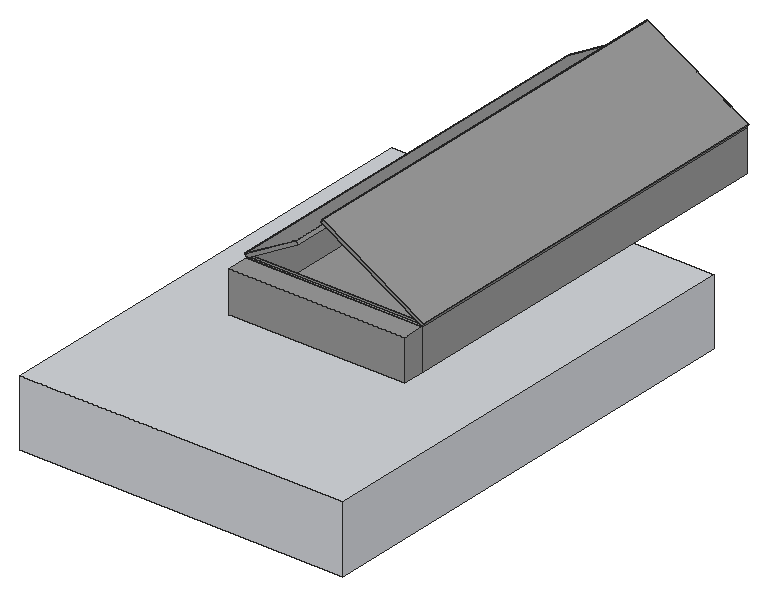
Revit family "Hager-Univers-IP54-D205-H1950-Cl.I-Encl-NoHosted-CH-de", category Equipement électrique, Revit 2020
Family settings
  Hôte = Face
  Configuration du panneau = Deux colonnes, circuits au sein
  Cote de connecteur circulaire = Utiliser le diamètre
  Type d'élément = Tableau de raccordement
  Couper avec des vides une fois chargée = Non
  Partagée = Non
  Point de calcul de pièce = Non
Parameters (values of type "Bodenaufstellung IP54 B800 H1950 T205  - FP23TW2")
  Width Control [instance] = if([EF000008 - Breite] > Min Width, [EF000008 - Breite], Min Width)  # 800 mm
  Commentaires du type = [HG000003 - Bereich]  # "Univers"
  Thickness Door [instance] = if([EF009171 - Materialstärke Tür/Deckel] > 3 mm, 3 mm, [EF009171 - Materialstärke Tür/Deckel])  # 1 mm
  Seal Frame Offset [instance] = 17 mm  # constant formula
  Plinth Visibility [instance] = [HG000027 - Sockelhöhe] > 0 mm  # yes
  Model = ""
  Min Width [instance] = 100 mm  # constant formula
  Min Height [instance] = 100 mm  # constant formula
  Min Depth [instance] = (2 * [EF009170 - Materialstärke Gehäuse]) + 1 mm  # 3 mm
  Internal Frame Depth [instance] = (Door System Depth * 0.5)  # 9 mm
  Height Control [instance] = if([EF000040 - Höhe] > Min Height, [EF000040 - Höhe], Min Height)  # 1950 mm
  HG000027 - Sockelhöhe = 100 mm
  HG000026 - Stehend auf dem Boden = yes
  HG000024 - Höhe des unteren Teils = 800 mm
  HG000023 - Gehäuse mit doppeltem Querschnitt = no
  HG000016 - 3D-Türsichtbarkeit [instance] = yes
  HG000015 - Sichtbarkeit der Türöffnung [instance] = no
  HG000014 - Tür rechts [instance] = yes
  HG000013 - Tür links [instance] = not([HG000014 - Tür rechts])  # no
  HG000012 - Türschwenkwinkel [instance] = 30.00°
  HG000010 - Asymmetrische Türen = yes
  HG000009 - Doppelflügeligen Tür = yes
  HG000006 - Unterputz = no
  HG000004 - Herstellerreferenz = "FP23TW2"
  HG000003 - Bereich = "Univers"
  HG000002 - Mit tür = yes
  Frame Offset Bottom [instance] = 10 mm  # constant formula
  Frame Offset [instance] = 15 mm  # constant formula
  EF015940 - Deckel mit Überdruckentlastung = no
  EF011959 - Schutzart (NEMA) = ""
  EF009554 - Anzahl der Öffnungen für Flanschplatten = 6
  Fabricant = "Hager"  # constant formula
  EF009212 - Ausführung Deckel = "EV000116 - geschlossen"
  EF009171 - Materialstärke Tür/Deckel = 1 mm
  EF009170 - Materialstärke Gehäuse = 1 mm
  EF008873 - Nennstrom (In) = 400 A
  EF007800 - Geeignet für Blitzschutz = no
  EF006306 - Mit Schloss = no
  EF006244 - Transparenter Deckel/Tür = no
  EF005474 - Schutzart (IP) = "EV006419 - IP54"
  EF004464 - Art der Tür = "EV002646 - Einzel"
  EF004427 - Anzahl der Module = 432
  EF004293 - Schlagfestigkeit = "EV006815 - IK09"
  EF003532 - Geeignet für Außengebrauch = no
  EF002950 - Breite in Teilungseinheiten = 36
  EF001613 - Funktionserhalt = "EV000494 - ohne"
  EF001596 - Werkstoff des Gehäuses = "EV000179 - Stahl"
  EF001131 - Innentiefe = 205 mm
  EF001088 - Anbaumöglichkeit = yes
  EF000437 - Anzahl der Leitungseinführungen = 6
  EF000339 - Art der Abdeckung = "EV001012 - Deckel"
  EF000266 - Anzahl der Reihen = 12
  EF000218 - Einbautiefe = 0 mm
  EF000118 - Mit Montageplatte = no
  EF000116 - RAL-Nummer = "9010"
  EF000049 - Tiefe = 205 mm
  EF000040 - Höhe = 1950 mm
  EF000008 - Breite = 800 mm
  EF000007 - Farbe = "EV000202 - weiß"
  EF000003 - Montageart = "EV012274 - Bodenaufstellung"
  Door System Leaf Tolerance [instance] = 1.5 mm  # constant formula
  Door System Depth [instance] = 18 mm  # constant formula
  Door Height [instance] = Height Control - [HG000027 - Sockelhöhe]  # 1850 mm
  Depth Control [instance] = if([EF000049 - Tiefe] > Min Depth, [EF000049 - Tiefe], Min Depth)  # 205 mm
  Default Elevation = 0 mm
  Connector Offset [instance] = Height Control / 2  # 975 mm
  Bottom Top Plate Trim [instance] = 1.5 mm  # constant formula
  Plinth height Ctrl [instance] = if([HG000027 - Sockelhöhe] > 0 mm, [HG000027 - Sockelhöhe], 12 mm)  # 100 mm
Types (4, lengths in mm): name | Width Control | HG000010 - Asymmetrische Türen | HG000009 - Doppelflügeligen Tür | HG000004 - Herstellerreferenz | EF009554 - Anzahl der Öffnungen für Flanschplatten | EF008873 - Nennstrom (In) | EF004464 - Art der Tür | EF004427 - Anzahl der Module | EF002950 - Breite in Teilungseinheiten | EF000437 - Anzahl der Leitungseinführungen | EF000008 - Breite
  Bodenaufstellung IP54 B1300 H1950 T205  - FP25TW2 | 1300 | yes | yes | "FP25TW2" | 10 | 400 A | "EV003602 - Doppel" | 720 | 60 | 10 | 1300
  Bodenaufstellung IP54 B300 H1950 T205  - FP21TW2 | 300 | no | no | "FP21TW2" | 2 | 250 A | "EV002646 - Einzel" | 144 | 12 | 2 | 300
  Bodenaufstellung IP54 B550 H1950 T205  - FP22TW2 | 550 | no | no | "FP22TW2" | 4 | 400 A | "EV002646 - Einzel" | 288 | 24 | 4 | 550
  Bodenaufstellung IP54 B800 H1950 T205  - FP23TW2 | 800 | yes | yes | "FP23TW2" | 6 | 400 A | "EV002646 - Einzel" | 432 | 36 | 6 | 800
Reference planes
  plane 1 "Center (Front/Back)": y = 0
  plane 2: z = 0
  plane 3 "Center (Left/Right)": x = 0
  plane 4: z = 205
  plane 5: y = 101
  plane 6: y = 1025
  plane 7: y = 100
  plane 8: y = 1950
  plane 9: z = 0
  plane 10: x = -385
  plane 11: x = 385
  plane 12: x = 384
  plane 13: x = -384
  plane 14: y = 1949
  plane 15: x = -383
  plane 16: x = -400
  plane 17: x = 383
  plane 18: x = 400
  plane 19: x = 399
  plane 20: x = -399
  plane 21: y = 111
  plane 22: y = 1950
  plane 23: y = 1934
  plane 24: z = 187
  plane 25: z = 1
  plane 26: z = 186
  plane 27: z = 204
Forms (mm)
  Extrusion 1, solid
    sketch origin (0, 0, 0) x (1, 0, 0) y (0, 1, 0)
      loop
        line (-702.964, 1305) -> (-702.964, -811.445) -> (766.763, -811.445) -> (766.763, 1305) -> (-702.964, 1305)
    from 0 to -304.8
  Extrusion 2, solid, material "Hager_Steel_RAL7035_Light_Grey", visible <- "Plinth Visibility", detail levels medium+fine
    sketch origin (0, 0, 0) x (1, 0, 0) y (0, 1, 0)
      loop
        line (-400, 0) -> (400, 0) -> (400, 100) -> (-400, 100) -> (-400, 0)
    from 0 to 187
  Extrusion 3, solid, material "Hager_Steel_RAL7035_Light_Grey", detail levels medium+fine
    sketch origin (0, 0, 0) x (1, 0, 0) y (0, 1, 0)
      loop
        line (-400, 100) -> (400, 100) -> (400, 1950) -> (-400, 1950) -> (-400, 100)
    from 0 to 187
  Extrusion 4, void
    sketch origin (0, 0, 0) x (1, 0, 0) y (0, 1, 0)
      loop
        line (-399, 101) -> (399, 101) -> (399, 1949) -> (-399, 1949) -> (-399, 101)
    from 1 to 186
  Extrusion 5, void
    sketch origin (-381.607, -4572, 187) x (0, -1, 0) y (-1, 0, 0)
      loop
        line (-4683, 2.393) -> (-6506, 2.393) -> (-6506, -765.607) -> (-4683, -765.607) -> (-4683, 2.393)
    from 0 to 1 <- "EF009170 - Materialstärke Gehäuse"
  Extrusion 6, solid, material "Hager_Steel_RAL7035_Light_Grey", detail levels fine
    sketch origin (0, 0, 187) x (1, 0, 0) y (0, 1, 0)
      loop
        line (-384, 1934) -> (-384, 111) -> (384, 111) -> (384, 1934) -> (-384, 1934)
      loop
        line (-385, 110) -> (385, 110) -> (385, 1935) -> (-385, 1935) -> (-385, 110)
    from 0 to 9 <- "Internal Frame Depth"
  Extrusion 7, solid, material "Hager_Steel_RAL7035_Light_Grey", detail levels coarse
    sketch origin (0, 0, 0) x (1, 0, 0) y (0, 1, 0)
      loop
        line (-400, 0) -> (400, 0) -> (400, 1950) -> (-400, 1950) -> (-400, 0)
    from 0 to 205
  Sweep 8, void
    path in 3D
      loop
        line (-400, 100, 0) -> (400, 100, 0) -> (400, 100, 187) -> (-400, 100, 187) -> (-400, 100, 0)
    profile origin (-400, 100, 93.5) x (-1, 0, 0) y (0, -1, 0)
      loop
        line (0, 0) -> (0, 1.5) -> (-1.5, 1.5)
        arc (-1.5, 1.5) -> (-1.061, 0.439) -> (0, 0) r 1.5
Cuts and joins
  Extrusion 4, Extrusion 5 cuts Extrusion 3
  Sweep 8 cuts Extrusion 2
Lines and regions (mm)
  Masking region 1
    outline origin (0, 0, 0) x (1, 0, 0) y (0, 0, 1)
      loop
        line (-400, 205) -> (-400, 0) -> (400, 0) -> (400, 205) -> (-400, 205)
  Masking region 2, detail levels medium+fine
    outline origin (0, 140, 0) x (0, 1, 0) y (0, 0, 1)
      loop
        line (-40, 0) -> (1810, 0) -> (1810, 187) -> (-40, 187) -> (-40, 0)
  Masking region 3, not visible, detail levels medium+fine
    outline origin (0, 297.922, 0) x (0, 1, 0) y (0, 0, 1)
      loop
        line (738.578, 0) -> (778.578, 0) -> (778.578, 194)
        arc (778.578, 194) -> (775.649, 201.071) -> (768.578, 204) r 10
        line (768.578, 204) -> (738.578, 204) -> (738.578, 0)
  Masking region 4, detail levels coarse
    outline origin (0, 0, 180) x (0, 1, 0) y (0, 0, 1)
      loop
        line (0, -180) -> (1950, -180) -> (1950, 25) -> (0, 25) -> (0, -180)
  Masking region 5, visible <- "Plinth Visibility", detail levels medium+fine
    outline origin (0, 52.24, 12.345) x (0, 0, -1) y (0, 1, 0)
      loop
        line (10.845, 47.76) -> (-173.155, 47.76)
        arc (-173.155, 47.76) -> (-173.594, 46.699) -> (-174.655, 46.26) r 1.5
        line (-174.655, 46.26) -> (-174.655, -52.24) -> (12.345, -52.24) -> (12.345, 46.26)
        arc (12.345, 46.26) -> (11.285, 46.699) -> (10.845, 47.76) r 1.5
  Masking region 6, detail levels medium+fine
    outline origin (-381.607, -4572, 187) x (-1, 0, 0) y (0, -1, 0)
      loop
        line (18.393, -6522) -> (18.393, -4672) -> (-781.607, -4672) -> (-781.607, -6522) -> (18.393, -6522)
  Masking region 7, visible <- "Plinth Visibility", detail levels medium+fine
    outline origin (-381.607, -4727, 187) x (-1, 0, 0) y (0, -1, 0)
      loop
        arc (16.893, -4827) -> (17.332, -4825.939) -> (18.393, -4825.5) r 1.5
        line (18.393, -4825.5) -> (18.393, -4727) -> (-781.607, -4727) -> (-781.607, -4825.5)
        arc (-781.607, -4825.5) -> (-780.546, -4825.939) -> (-780.107, -4827) r 1.5
        line (-780.107, -4827) -> (16.893, -4827)
  Masking region 8, detail levels coarse
    outline origin (-442.548, -4669.526, 187) x (-1, 0, 0) y (0, -1, 0)
      loop
        line (-42.548, -6619.526) -> (-42.548, -4669.526) -> (-842.548, -4669.526) -> (-842.548, -6619.526) -> (-42.548, -6619.526)
  sketch lines
    curve 1: line (-400, 100, 187) -> (-400, 100, 0)
    curve 2: line (400, 100, 187) -> (-400, 100, 187)
    curve 3: line (400, 100, 187) -> (400, 100, 0)
    curve 4: line (-400, 100, 0) -> (400, 100, 0)
Dimensions and locks
  "Depth Control": plane 4 to Extrusion 1
  "HG000027 - Sockelhöhe": plane 1 "Center (Front/Back)" to plane 7
  "EF009170 - Materialstärke Gehäuse": plane 5 to plane 7
  locked: connector elem to plane 3 "Center (Left/Right)"
  equal spacing: plane 8, plane 6, plane 7
  locked: connector elem to plane 6
  "EF009170 - Materialstärke Gehäuse": plane 8 to plane 14
  "EF009170 - Materialstärke Gehäuse": plane 10 to plane 13
  "EF009170 - Materialstärke Gehäuse": plane 12 to plane 11
  "Frame Offset": plane 20 to plane 13
  "Frame Offset": plane 12 to plane 19
  "EF009170 - Materialstärke Gehäuse": plane 16 to plane 20
  "EF009170 - Materialstärke Gehäuse": plane 19 to plane 18
  "Seal Frame Offset": plane 16 to plane 15
  "Seal Frame Offset": plane 17 to plane 18
  "Frame Offset Bottom": plane 21 to plane 5
  "Frame Offset": plane 14 to plane 23
  equal spacing: plane 16, plane 3 "Center (Left/Right)", plane 18
  "Width Control": plane 16 to plane 18
  "EF009170 - Materialstärke Gehäuse": plane 4 to plane 27
  "EF009170 - Materialstärke Gehäuse": plane 24 to plane 26
  "EF009170 - Materialstärke Gehäuse": plane 25 to level
  "Door System Depth": plane 4 to plane 24
  "Height Control": plane 1 "Center (Front/Back)" to Extrusion 7 sketch curve
  "Height Control": Masking region 4 sketch curve to plane 1 "Center (Front/Back)"
  "Height Control": plane 1 "Center (Front/Back)" to plane 22
  "Bottom Top Plate Trim": profile plane to Sweep 8 sketch curve
  "Bottom Top Plate Trim": Sweep 8 sketch curve to profile plane
  "Plinth height Ctrl": plane 1 "Center (Front/Back)" to Extrusion 2 sketch curve
  "Plinth height Ctrl": Masking region 5 sketch curve to plane 1 "Center (Front/Back)"
  "Plinth height Ctrl": plane 1 "Center (Front/Back)" to Masking region 7 sketch curve
  "Thickness Door": Extrusion 6 sketch curve to Extrusion 6 sketch curve  (x3)
  "Thickness Door": cut or joined group of Extrusion 3, Extrusion 4, Extrusion 5 to Extrusion 6 sketch curve
  radius of Masking region 3 sketch curve = 10 mm
  "Bottom Top Plate Trim": radius of Masking region 5 sketch curve  (x2)
  "Bottom Top Plate Trim": radius of Sweep 8 sketch curve
  "Bottom Top Plate Trim": radius of Masking region 7 sketch curve  (x2)
  aligned and locked: plane 2 to Extrusion 1
  aligned and locked: level to Extrusion 1
  aligned and locked: level to Masking region 1 sketch curve
  aligned and locked: Masking region 1 sketch curve to plane 18
  aligned and locked: Masking region 1 sketch curve to plane 16
  aligned and locked: plane 7 to Masking region 2 sketch curve
  aligned and locked: level to Masking region 3 sketch curve
  aligned and locked: Masking region 3 sketch curve to plane 27
  aligned and locked: level to Masking region 2 sketch curve
  aligned and locked: plane 1 "Center (Front/Back)" to Extrusion 2 sketch curve
  aligned and locked: Extrusion 3 sketch curve to plane 7
  aligned and locked: plane 16 to Extrusion 3 sketch curve
  aligned and locked: plane 18 to Extrusion 3 sketch curve
  aligned and locked: plane 20 to Extrusion 4 sketch curve
  aligned and locked: plane 19 to Extrusion 4 sketch curve
  aligned and locked: Extrusion 4 sketch curve to plane 5
  aligned and locked: Extrusion 4 to plane 25
  aligned and locked: plane 26 to Extrusion 4
  aligned and locked: plane 24 to Extrusion 3
  aligned and locked: Extrusion 5 sketch curve to plane 21
  aligned and locked: Extrusion 5 sketch curve to plane 13
  aligned and locked: Extrusion 5 sketch curve to plane 12
  aligned and locked: plane 18 to Extrusion 7 sketch curve
  aligned and locked: plane 1 "Center (Front/Back)" to Extrusion 7 sketch curve
  aligned and locked: plane 16 to Extrusion 7 sketch curve
  aligned and locked: plane 4 to Extrusion 7
  aligned and locked: Extrusion 7 to level
  aligned and locked: level to Masking region 4 sketch curve
  aligned and locked: Masking region 4 sketch curve to plane 1 "Center (Front/Back)"
  aligned and locked: Masking region 4 sketch curve to plane 4
  aligned and locked: nested 1 to level
  aligned and locked: nested 1 to plane 16
  aligned and locked: plane 8 to Extrusion 3 sketch curve
  aligned and locked: plane 23 to Extrusion 5 sketch curve
  aligned and locked: plane 14 to Extrusion 4 sketch curve
  aligned and locked: Masking region 2 sketch curve to plane 8
  aligned and locked: level to Masking region 5 sketch curve
  aligned and locked: plane 16 to Extrusion 2 sketch curve
  aligned and locked: plane 18 to Extrusion 2 sketch curve
  aligned and locked: Masking region 5 sketch curve to plane 24
  aligned and locked: Masking region 2 sketch curve to plane 24
  aligned and locked: plane 24 to Extrusion 2
  aligned and locked: profile plane to Sweep 8 sketch curve  (x2)
  aligned and locked: Masking region 6 sketch curve to plane 18
  aligned and locked: Masking region 6 sketch curve to plane 22
  aligned and locked: Masking region 6 sketch curve to plane 16
  aligned and locked: plane 8 to plane 22
  aligned and locked: Masking region 6 sketch curve to plane 7
  aligned and locked: Masking region 7 sketch curve to plane 16
  aligned and locked: Masking region 7 sketch curve to plane 1 "Center (Front/Back)"
  aligned and locked: Masking region 7 sketch curve to plane 18
  aligned and locked: Masking region 8 sketch curve to plane 1 "Center (Front/Back)"
  aligned and locked: Masking region 8 sketch curve to plane 18
  aligned and locked: Masking region 8 sketch curve to plane 22
  aligned and locked: Masking region 8 sketch curve to plane 16
  aligned and locked: nested 2 to plane 7
  aligned and locked: plane 3 "Center (Left/Right)" to nested 2
  aligned and locked: nested 2 to plane 24
  aligned and locked: Extrusion 6 sketch curve to cut or joined group of Extrusion 3, Extrusion 4, Extrusion 5  (x4)
Automatic sketch dimensions
  Extrusion 1 sketch curve to Extrusion 1 sketch curve = 1469.727 mm
  Extrusion 1 sketch curve to Extrusion 1 sketch curve = 2116.445 mm
  Masking region 1 sketch curve to plane 4 = 0 mm
  plane 6 to Masking region 3 sketch curve = 11.5 mm
  Masking region 3 sketch curve to Masking region 3 sketch curve = 30 mm
  Masking region 5 sketch curve to plane 1 "Center (Front/Back)" = 0 mm
Nested families
  nested 1: "Hager_Enclosure_Symbol" at (-400, 0, 0) x (1, 0, 0) z (0, -1, 0), Height <- "Depth Control", Width <- "Width Control", type "Hager_Enclosure_Symbol"
    with Width_Ctrl 800 mm, Width 800 mm, Height_Ctrl 205 mm, Height 205 mm, A_Width_Int 13.453 mm, A_Width 161.438 mm, A_Height_Ctrl 179.375 mm, A_Height 179.375 mm
  nested 2: "EC000058_Univers_Door" at (0, 100, 187) x (1, 0, 0) z (0, 1, 0), Leaf_Tolerance <- "Door System Leaf Tolerance", Angle <- "HG000012 - Türschwenkwinkel", Door_Depth <- "Door System Depth", Door_Left <- "HG000013 - Tür links", Transparent <- "EF006244 - Transparenter Deckel/Tür", Assymetrical <- "HG000010 - Asymmetrische Türen", Width <- "Width Control", Clearance <- "HG000015 - Sichtbarkeit der Türöffnung", Double <- "HG000009 - Doppelflügeligen Tür", 3d_Door <- "HG000016 - 3D-Türsichtbarkeit", Lock_Visibility <- "EF006306 - Mit Schloss", Width_Ctrl <- "Width Control", Door_Right <- "HG000014 - Tür rechts", Door <- "HG000002 - Mit tür", Height <- "Door Height", Thickness <- "Thickness Door", type "EC000058_Univers_Door", detail levels medium+fine
    with min_wh 3 mm, Width_Ctrl 800 mm, Width 800 mm, Transparent no, Thickness 1 mm, Seal_Material Hager_Rubber, Lock_Visibility no, Lock_Material Hager_Plastic_RAL9005_Jet_Black, Leaf_Width 800 mm, Leaf_Tolerance_External_Sides 0 mm, Leaf_Tolerance 1.5 mm, Leaf_Offset 0 mm, Leaf_Height 1847 mm, Leaf_2_Width 532.583 mm, Leaf_2_Offset 266.292 mm, Leaf_1_Width 265.917 mm, Leaf_1_Offset 132.958 mm, Height_Ctrl 1850 mm, Height 1850 mm, Glass_Material Hager_Glass, Double_Clearance_Ctrl no, Double yes, Door_Right_Ctrl yes, Door_Right yes, Door_Material Hager_Steel_RAL7035_Light_Grey, Door_Left_Ctrl yes, Door_Left no, Door_Depth 18 mm, Door yes, Clearance_Material Hager_Clearance, Clearance_Depth 532.583 mm, Clearance_Ctrl no, Clearance no, Assymetrical yes, Angle 30.00°, 3d_Door yes
Connectors
  electrical at (0, 1025, 0)
    settings: on plane 9, index 1, voltage 0 V, apparent load 0 VA, apparent load phase1 0 VA, apparent load phase2 0 VA, apparent load phase3 0 VA, power factor 1, load classification "Other", number of poles 1, system type 30, power factor state 1, is connector primary yes, connector utility no, sub classification motor no, connector description ""
Definition of nested family "EC000058_Univers_Door"
  Parameters (values of type "EC000058_Univers_Door")
    min_wh [instance] = (2 * Thickness) + 1 mm  # 11 mm
    Width_Ctrl [instance] = 400 mm
    Width [instance] = 500 mm
    Transparent [instance] = yes
    Thickness [instance] = 5 mm
    Seal_Material [instance] = none
    Lock_Visibility [instance] = yes
    Lock_Material [instance] = none
    Leaf_Width [instance] = if((Width_Ctrl - 2 * Leaf_Tolerance_External_Sides) > 0 mm, (Width_Ctrl - 2 * Leaf_Tolerance_External_Sides), min_wh)  # 400 mm
    Leaf_Tolerance_External_Sides [instance] = 0 mm  # constant formula
    Leaf_Tolerance [instance] = 1.5 mm
    Leaf_Offset [instance] = 0 mm  # constant formula
    Leaf_Height [instance] = if((Height_Ctrl - 2 * Leaf_Tolerance) > 0 mm, (Height_Ctrl - 2 * Leaf_Tolerance), min_wh)  # 497 mm
    Leaf_2_Width [instance] = if(and(and(Double, Assymetrical), Door_Left), (Leaf_Width / 3) - (Leaf_Tolerance / 2), if(and(and(Double, Assymetrical), Door_Right), (Leaf_Width / 3) * 2 - (Leaf_Tolerance / 2), if(and(Double, not(Assymetrical)), (Leaf_Width / 2) - Leaf_Tolerance, Leaf_Width)))  # 400 mm
    Leaf_2_Offset [instance] = if(and(Double, Assymetrical), Leaf_2_Width / 2, if(and(Double, not(Assymetrical)), Leaf_Width / 4, Leaf_Width / 2))  # 200 mm
    Leaf_1_Width [instance] = if(and(and(Double, Assymetrical), Door_Right), (Leaf_Width / 3) - (Leaf_Tolerance / 2), if(and(and(Double, Assymetrical), Door_Left), (Width / 3) * 2 - (Leaf_Tolerance / 2), if(and(Double, not(Assymetrical)), (Leaf_Width / 2) - Leaf_Tolerance, Leaf_Width)))  # 400 mm
    Leaf_1_Offset [instance] = if(and(Double, Assymetrical), Leaf_1_Width / 2, if(and(Double, not(Assymetrical)), Leaf_Width / 4, Leaf_Width / 2))  # 200 mm
    Height_Ctrl [instance] = if(Height > min_wh, Height, min_wh)  # 500 mm
    Height [instance] = 500 mm
    Glass_Material [instance] = none
    Double_Clearance_Ctrl [instance] = and(Double, Clearance)  # no
    Double [instance] = no
    Door_Right_Ctrl [instance] = and(or(Door_Right, Double), Door)  # yes
    Door_Right [instance] = yes
    Door_Material [instance] = none
    Door_Left_Ctrl [instance] = and(or(Door_Left, Double), Door)  # no
    Door_Left [instance] = no
    Door_Depth [instance] = 30 mm
    Door [instance] = yes
    Default Elevation = 1219.2 mm
    Clearance_Material [instance] = none
    Clearance_Depth [instance] = if(Leaf_1_Width > Leaf_2_Width, Leaf_1_Width, Leaf_2_Width)  # 400 mm
    Clearance_Ctrl [instance] = and(not(Double), Clearance)  # yes
    Clearance [instance] = yes
    Assymetrical [instance] = yes
    Angle [instance] = 30.00°
    3d_Door [instance] = yes
  Reference planes
    plane 1 "Center (Front/Back)": y = 0
    plane 2 "Bottom": z = 0
    plane 3 "Center (Left/Right)": x = 0
    plane 4: z = 500
    plane 5: x = -200
    plane 6: x = 200
    plane 7: z = 500
    plane 8: x = -200
    plane 9: z = 0
    plane 10: x = 200
    plane 11: y = 0
    plane 12: z = 1.5
    plane 13: x = -600
    plane 14: y = -400
    plane 15: x = 600
    plane 16: x = 0
    plane 17: x = 0
    plane 18: x = -200
    plane 19: x = 200
    plane 20: z = 498.5
  Forms (mm)
    Extrusion 1, solid, material <- "Clearance_Material", visible <- "Double_Clearance_Ctrl"
      sketch origin (1200, 0, 0) x (1, 0, 0) y (0, 0, -1)
        loop
          line (-1800, -498.5) -> (-600, -498.5) -> (-600, 0) -> (-1800, 0) -> (-1800, -498.5)
      from 0 to -400
  Dimensions and locks
    equal spacing: plane 5, plane 3 "Center (Left/Right)", plane 6
    "Width_Ctrl": plane 5 to plane 6
    "Leaf_Offset": plane 5 to plane 8
    "Leaf_Offset": plane 6 to plane 10
    "Leaf_Offset": plane 9 to level
    "Leaf_Offset": plane 4 to plane 7
    "Height_Ctrl": plane 4 to level
    "Leaf_Tolerance": plane 12 to plane 9
    locked: plane 11 to plane 1 "Center (Front/Back)"
    "Leaf_1_Offset": plane 18 to plane 16
    "Leaf_2_Offset": plane 17 to plane 19
    "Leaf_1_Width": plane 13 to plane 8
    "Leaf_2_Width": plane 10 to plane 15
    "Clearance_Depth": plane 14 to plane 1 "Center (Front/Back)"
    "Leaf_Tolerance_External_Sides": plane 8 to plane 18
    "Leaf_Tolerance_External_Sides": plane 19 to plane 10
    "Leaf_Tolerance": plane 7 to plane 20
    aligned and locked: level to plane 2 "Bottom"
    aligned and locked: nested 1 to plane 16
    aligned and locked: nested 2 to plane 17
    aligned and locked: Extrusion 1 to plane 13
    aligned and locked: plane 15 to Extrusion 1
    aligned and locked: Extrusion 1 to plane 14
    aligned and locked: plane 12 to nested 1
    aligned and locked: nested 2 to plane 12
    aligned and locked: Extrusion 1 to plane 11
    aligned and locked: plane 20 to Extrusion 1
    aligned and locked: nested 2 to plane 11
    aligned and locked: nested 1 to plane 11
  Automatic sketch dimensions
    Extrusion 1 sketch curve to level = 0 mm
    plane 5 to Extrusion 1 sketch curve = 400 mm
    plane 6 to Extrusion 1 sketch curve = 400 mm
    Extrusion 1 sketch curve to plane 4 = 1.5 mm
  Nested families
    nested 1: "EC000058_Univers_Door_Leaf" at (0, 0, 1.5), Width <- "Leaf_1_Width", visible <- "Door_Left_Ctrl", Leaf_Height <- "Leaf_Height", Angle <- "Angle", 3d_Door <- "3d_Door", Transparent <- "Transparent", Clearance Material <- "Clearance_Material", Clearance <- "Clearance_Ctrl", Door_Material <- "Door_Material", Glass_Material <- "Glass_Material", Door_Depth <- "Door_Depth", Lock_Material <- "Lock_Material", Seal_Material <- "Seal_Material", Lock_Visibility <- "Lock_Visibility", Thickness <- "Thickness", type "EC000058_Univers_Door_Leaf"
      with Width 400 mm, Transparent_Glass_Offset 30 mm, Transparent_Ctrl yes, Transparent yes, Thickness 5 mm, Standard no, Seal_Material none, Seal_D2 8 mm, Seal_D1 1 mm, Offset_Internal_Frame 10 mm, Lock_Width 20 mm, Lock_Visibility_3d yes, Lock_Visibility yes, Lock_Thickness_3 3 mm, Lock_Thickness_2 1 mm, Lock_Thickness_1 3 mm, Lock_Radius_Offset_2 16 mm, Lock_Radius_Offset_1 15 mm, Lock_Radius_2 5 mm, Lock_Radius 6 mm, Lock_Offset 5 mm, Lock_Material none, Lock_Height 80 mm, Lock_Cover_Top_Offset_2d 17 mm, Lock_Cover_Height -65 mm, Leaf_Height 497 mm, Internal_Seal_Thickness 8 mm, Internal_Seal_Depth_2 4.5 mm, Internal_Frame_Depth 25 mm, Glass_Thickness -1 mm, Glass_Offset -2 mm, Glass_Material none, Door_Material none, Door_Depth 30 mm, Clearance Material none, Clearance yes, Angle_Ctrl 30.00°, Angle 30.00°, 3d_Door yes
    nested 2: "EC000058_Univers_Door_Leaf" at (0, 0, 1.5) x (-1, 0, 0) z (0, 0, 1), Width <- "Leaf_2_Width", visible <- "Door_Right_Ctrl", Leaf_Height <- "Leaf_Height", Angle <- "Angle", 3d_Door <- "3d_Door", Transparent <- "Transparent", Clearance Material <- "Clearance_Material", Clearance <- "Clearance_Ctrl", Door_Material <- "Door_Material", Glass_Material <- "Glass_Material", Door_Depth <- "Door_Depth", Lock_Material <- "Lock_Material", Seal_Material <- "Seal_Material", Lock_Visibility <- "Lock_Visibility", Thickness <- "Thickness", type "EC000058_Univers_Door_Leaf"
      with Width 400 mm, Transparent_Glass_Offset 30 mm, Transparent_Ctrl yes, Transparent yes, Thickness 5 mm, Standard no, Seal_Material none, Seal_D2 8 mm, Seal_D1 1 mm, Offset_Internal_Frame 10 mm, Lock_Width 20 mm, Lock_Visibility_3d yes, Lock_Visibility yes, Lock_Thickness_3 3 mm, Lock_Thickness_2 1 mm, Lock_Thickness_1 3 mm, Lock_Radius_Offset_2 16 mm, Lock_Radius_Offset_1 15 mm, Lock_Radius_2 5 mm, Lock_Radius 6 mm, Lock_Offset 5 mm, Lock_Material none, Lock_Height 80 mm, Lock_Cover_Top_Offset_2d 17 mm, Lock_Cover_Height -65 mm, Leaf_Height 497 mm, Internal_Seal_Thickness 8 mm, Internal_Seal_Depth_2 4.5 mm, Internal_Frame_Depth 25 mm, Glass_Thickness -1 mm, Glass_Offset -2 mm, Glass_Material none, Door_Material none, Door_Depth 30 mm, Clearance Material none, Clearance yes, Angle_Ctrl 30.00°, Angle 30.00°, 3d_Door yes
  Definition of nested family "EC000058_Univers_Door_Leaf"
    Parameters (values of type "EC000058_Univers_Door_Leaf")
      Width [instance] = 2000 mm
      Transparent_Glass_Offset [instance] = 30 mm
      Transparent_Ctrl [instance] = and(Transparent, [3d_Door])  # yes
      Transparent [instance] = yes
      Thickness [instance] = 5 mm
      Standard [instance] = and(not(Transparent), [3d_Door])  # no
      Seal_Material [instance] = none
      Seal_D2 [instance] = 8 mm  # constant formula
      Seal_D1 [instance] = 1 mm  # constant formula
      Offset_Internal_Frame [instance] = 10 mm  # constant formula
      Lock_Width [instance] = 20 mm  # constant formula
      Lock_Visibility_3d [instance] = and(Lock_Visibility, [3d_Door])  # yes
      Lock_Visibility [instance] = yes
      Lock_Thickness_3 [instance] = 3 mm  # constant formula
      Lock_Thickness_2 [instance] = 1 mm  # constant formula
      Lock_Thickness_1 [instance] = 3 mm  # constant formula
      Lock_Radius_Offset_2 [instance] = Lock_Radius_Offset_1 + 1 mm  # 16 mm
      Lock_Radius_Offset_1 [instance] = 15 mm  # constant formula
      Lock_Radius_2 [instance] = Lock_Radius - 1 mm  # 5 mm
      Lock_Radius [instance] = 6 mm  # constant formula
      Lock_Offset [instance] = 5 mm  # constant formula
      Lock_Material [instance] = none
      Lock_Height [instance] = 80 mm  # constant formula
      Lock_Cover_Top_Offset_2d [instance] = Lock_Radius_Offset_2 + 1 mm  # 17 mm
      Lock_Cover_Height [instance] = -(Lock_Height - Lock_Radius_Offset_1)  # -65 mm
      Leaf_Height [instance] = 2720.336 mm
      Internal_Seal_Thickness [instance] = 8 mm  # constant formula
      Internal_Seal_Depth_2 [instance] = 4.5 mm  # constant formula
      Internal_Frame_Depth [instance] = if(Door_Depth - Thickness > 5 mm, Door_Depth - Thickness, 5 mm)  # 25 mm
      Glass_Thickness [instance] = if(Thickness > 15 mm, Glass_Offset + 10 mm, -1 mm)  # -1 mm
      Glass_Offset [instance] = if(Thickness > 15 mm, -(Thickness + 10 mm) / 2, -2 mm)  # -2 mm
      Glass_Material [instance] = none
      Door_Material [instance] = none
      Door_Depth [instance] = 30 mm
      Default Elevation = 0 mm
      Clearance Material [instance] = none
      Clearance [instance] = yes
      Angle_Ctrl [instance] = if(Angle > 180.00°, 180.00°, Angle)  # 90.00°
      Angle [instance] = 90.00°
      3d_Door [instance] = yes
    Reference planes
      plane 1 "Center (Front/Back)": y = 0
      plane 2: z = 0
      plane 3 "Center (Left/Right)": x = 0
      plane 4: y = 2000
      plane 5: x = -1000
      plane 6: x = 1000
      plane 7: x = -3000
      plane 8: z = 2720.336
      plane 9: z = 30
      plane 10: z = 2690.336
      plane 11: x = 970
      plane 12: x = -970
      plane 13: y = -3
      plane 14: z = 107.833
      plane 15: y = -5
      plane 16: y = -223.314
      plane 17: x = -1000
      plane 18: z = 1360.168
      plane 19: y = 30
    Forms (mm)
      Extrusion 1, solid, material <- "Clearance Material", visible <- "Clearance"
        sketch origin (0, 0, 0) x (1, 0, 0) y (0, 0, 1)
          loop
            line (-3000, 2720.336) -> (-3000, 0) -> (1000, 0) -> (1000, 2720.336) -> (-3000, 2720.336)
        from 0 to -2000
      Extrusion 2, solid, material <- "Door_Material", visible <- "Standard", detail levels medium+fine
        sketch origin (-1000, 0, 0) x (0, 1, 0) y (-1, 0, 0)
          loop
            line (0, 30) -> (0, 25) -> (2000, 25) -> (2000, 30) -> (0, 30)
        from 0 to 2720.336 <- "Leaf_Height"
      Extrusion 3, solid, material <- "Door_Material", visible <- "Transparent_Ctrl", detail levels medium+fine
        sketch origin (-1000, 0, 0) x (0, 1, 0) y (-1, 0, 0)
          loop
            line (0, 25) -> (2000, 25) -> (2000, 30) -> (0, 30) -> (0, 25)
        from 0 to 2720.336 <- "Leaf_Height"
      Extrusion 4, void
        sketch origin (-1025, 2000, 0) x (0, 1, 0) y (0, 0, -1)
          loop
            line (-30, -2690.336) -> (-30, -30) -> (-1970, -30) -> (-1970, -2690.336) -> (-30, -2690.336)
        from 0 to 5 <- "Thickness"
      Sweep 5, solid, material <- "Seal_Material", visible <- "Transparent_Ctrl", detail levels fine
        path in 3D
          loop
            line (-1025, 30, 30) -> (-1025, 30, 2690.336) -> (-1025, 1970, 2690.336) -> (-1025, 1970, 30) -> (-1025, 30, 30)
        profile origin (-1025, 1000, 30) x (1, 0, 0) y (0, 0, 1)
          loop
            line (0, 0) -> (0, -8) -> (1, -8) -> (1, 0) -> (0, 0)
      Extrusion 6, solid, material <- "Glass_Material", visible <- "Transparent_Ctrl", detail levels medium+fine
        sketch origin (-1030, 0, 0) x (0, 1, 0) y (0, 0, -1)
          loop
            line (1970, -2690.336) -> (1970, -30) -> (30, -30) -> (30, -2690.336) -> (1970, -2690.336)
        from -2 <- "Glass_Offset" to -1 <- "Glass_Thickness"
      Extrusion 7, solid, material <- "Door_Material", visible <- "3d_Door", detail levels medium+fine
        sketch origin (-1025, 2000, 0) x (0, -1, 0) y (0, 0, -1)
          loop
            line (0, -2720.336) -> (2000, -2720.336) -> (2000, 0) -> (0, 0) -> (0, -2720.336)
          loop
            line (1995, -5) -> (5, -5) -> (5, -2715.336) -> (1995, -2715.336) -> (1995, -5)
        from 0 to 25 <- "Internal_Frame_Depth"
      Sweep 8, solid, material <- "Seal_Material", visible <- "Transparent_Ctrl", detail levels fine
        path in 3D
          loop
            line (-1025, 0, 0) -> (-1025, 2000, 0) -> (-1025, 2000, 2720.336) -> (-1025, 0, 2720.336) -> (-1025, 0, 0)
        profile origin (-1025, 0, 1360.168) x (1, 0, 0) y (0, 1, 0)
          loop
            line (0, 10) -> (2.975, 10)
            arc (2.975, 10) -> (4.053, 10.447) -> (4.5, 11.525) r 1.525
            line (4.5, 11.525) -> (4.5, 16.527)
            arc (4.5, 16.527) -> (4.069, 17.569) -> (3.027, 18) r 1.473
            line (3.027, 18) -> (0, 18) -> (0, 10)
      Extrusion 9, solid, material <- "Lock_Material", visible <- "Lock_Visibility_3d", detail levels fine
        sketch origin (-1030, 0, 0) x (0, 1, 0) y (0, 0, -1)
          loop
            arc (1993.5, -1400.168) -> (1994.561, -1399.729) -> (1995, -1398.668) r 1.5
            line (1995, -1398.668) -> (1995, -1320.168) -> (1975, -1320.168) -> (1975, -1398.668)
            arc (1975, -1398.668) -> (1975.439, -1399.729) -> (1976.5, -1400.168) r 1.5
            line (1976.5, -1400.168) -> (1993.5, -1400.168)
        from 3 <- "Lock_Thickness_1" to 0
      Blend 10, solid, material <- "Lock_Material", visible <- "Lock_Visibility_3d", detail levels fine
        base sketch origin (-1033, 0, 0) x (0, 1, 0) y (0, 0, -1)
          loop
            line (1975, -1320.168) -> (1975, -1398.668)
            arc (1975, -1398.668) -> (1975.439, -1399.729) -> (1976.5, -1400.168) r 1.5
            line (1976.5, -1400.168) -> (1993.5, -1400.168)
            arc (1993.5, -1400.168) -> (1994.561, -1399.729) -> (1995, -1398.668) r 1.5
            line (1995, -1398.668) -> (1995, -1320.168) -> (1975, -1320.168)
        top sketch origin (-1033, 0, 0) x (0, 1, 0) y (0, 0, -1)
          loop
            line (1976, -1320.168) -> (1976, -1398.668)
            arc (1976, -1398.668) -> (1976.146, -1399.022) -> (1976.5, -1399.168) r 0.5
            line (1976.5, -1399.168) -> (1993.5, -1399.168)
            arc (1993.5, -1399.168) -> (1993.854, -1399.022) -> (1994, -1398.668) r 0.5
            line (1994, -1398.668) -> (1994, -1320.168) -> (1976, -1320.168)
        from 0 to 1 <- "Lock_Thickness_2"
      Blend 11, solid, material <- "Lock_Material", visible <- "Lock_Visibility_3d", detail levels fine
        base sketch origin (-1034, 0, 0) x (0, 1, 0) y (0, 0, -1)
          loop
            line (1978, -1320.168) -> (1978, -1384.168)
            arc (1978, -1384.168) -> (1985, -1391.168) -> (1992, -1384.168) r 7
            line (1992, -1384.168) -> (1992, -1320.168) -> (1978, -1320.168)
        top sketch origin (-1034, 0, 0) x (0, 1, 0) y (0, 0, -1)
          loop
            line (1991, -1320.168) -> (1979, -1320.168) -> (1979, -1383.168)
            arc (1979, -1383.168) -> (1985, -1389.168) -> (1991, -1383.168) r 6
            line (1991, -1383.168) -> (1991, -1320.168)
        from 0 to 3 <- "Lock_Thickness_3"
      Extrusion 12, solid, material <- "Lock_Material", visible <- "Lock_Visibility_3d", detail levels fine
        sketch origin (-1030, 1975, 1320.168) x (1, 0, 0) y (0, -1, 0)
          loop
            line (-7, -19) -> (-7, -1) -> (0, -1) -> (0, 0) -> (-8, 0) -> (-8, -20) -> (0, -20) -> (0, -19) -> (-7, -19)
        from 0 to -65 <- "Lock_Cover_Height"
      Extrusion 13, void
        sketch origin (-1038, 1995, 1320.168) x (-1, 0, 0) y (0, 0, -1)
          loop
            line (-5, -65) -> (0, -65) -> (-5, -60) -> (-5, -65)
        from 0 to 20 <- "Lock_Width"
      Extrusion 14, void
        sketch origin (-1038, 1975, 1320.168) x (0, -1, 0) y (0, 0, -1)
          loop
            circle (-10, -15.995) r 6
          loop
            circle (-10, -15.995) r 5
        from 0 to 2
      Extrusion 15, solid, material <- "Lock_Material", visible <- "Lock_Visibility_3d", detail levels medium
        sketch origin (-1030, 0, 0) x (0, 1, 0) y (0, 0, -1)
          loop
            arc (1993.5, -1400.168) -> (1994.561, -1399.729) -> (1995, -1398.668) r 1.5
            line (1995, -1398.668) -> (1995, -1320.168) -> (1975, -1320.168) -> (1975, -1398.668)
            arc (1975, -1398.668) -> (1975.439, -1399.729) -> (1976.5, -1400.168) r 1.5
            line (1976.5, -1400.168) -> (1993.5, -1400.168)
        from 8 to 0
    Cuts and joins
      Extrusion 4 cuts Extrusion 3
      Extrusion 13, Extrusion 14 cuts Extrusion 9
      Extrusion 14 cuts Blend 11
      Extrusion 13, Extrusion 14 cuts Extrusion 12
      joined: Extrusion 9, Blend 10, Blend 11, Extrusion 12
      Extrusion 14 cuts Extrusion 15
    Lines and regions (mm)
      Masking region 1, visible <- "Lock_Visibility", detail levels fine
        outline origin (0, 0, 0) x (0, 1, 0) y (0, 0, 1)
          loop
            line (30, 1320.168) -> (33, 1320.168) -> (33, 1400.168) -> (30, 1400.168) -> (30, 1320.168)
      Masking region 2, visible <- "Lock_Visibility", detail levels fine
        outline origin (0, 3.143, 0) x (0, 1, 0) y (0, 0, 1)
          loop
            line (29.857, 1354.168) -> (30.857, 1354.168) -> (30.857, 1366.168) -> (29.857, 1366.168) -> (29.857, 1354.168)
      Masking region 3, detail levels medium+fine
        outline origin (0, 0, 0) x (0, 1, 0) y (0, 0, 1)
          loop
            line (0, 0) -> (30, 0) -> (30, 2720.336) -> (0, 2720.336) -> (0, 0)
      Masking region 4, detail levels medium+fine
        outline origin (0, 0, 0) x (1, 0, 0) y (0, 0, 1)
          loop
            line (-1000, 2720.336) -> (-1000, 0) -> (1000, 0) -> (1000, 2720.336) -> (-1000, 2720.336)
      Masking region 5, visible <- "Lock_Visibility", detail levels fine
        outline origin (-47.116, 0, 0) x (1, 0, 0) y (0, 0, 1)
          loop
            arc (1024.616, 1399.168) -> (1023.556, 1398.729) -> (1023.116, 1397.668) r 1.5
            line (1023.116, 1397.668) -> (1023.116, 1320.168) -> (1041.116, 1320.168) -> (1041.116, 1397.668)
            arc (1041.116, 1397.668) -> (1040.677, 1398.729) -> (1039.616, 1399.168) r 1.5
            line (1039.616, 1399.168) -> (1024.616, 1399.168)
      Masking region 6, visible <- "Lock_Visibility", detail levels medium+fine
        outline origin (-25, 0, 0) x (1, 0, 0) y (0, 0, 1)
          loop
            arc (1001.5, 1400.168) -> (1000.439, 1399.729) -> (1000, 1398.668) r 1.5
            line (1000, 1398.668) -> (1000, 1320.168) -> (1020, 1320.168) -> (1020, 1398.668)
            arc (1020, 1398.668) -> (1019.561, 1399.729) -> (1018.5, 1400.168) r 1.5
            line (1018.5, 1400.168) -> (1001.5, 1400.168)
      Masking region 7, visible <- "Lock_Visibility", detail levels fine
        outline origin (-73.735, 0, 0) x (1, 0, 0) y (0, 0, 1)
          loop
            line (1051.735, 1382.168) -> (1065.735, 1382.168) -> (1065.735, 1384.168)
            arc (1065.735, 1384.168) -> (1058.735, 1391.168) -> (1051.735, 1384.168) r 7
            line (1051.735, 1384.168) -> (1051.735, 1382.168)
      Masking region 8, visible <- "Lock_Visibility", detail levels fine
        outline origin (-73.735, 0, 0) x (1, 0, 0) y (0, 0, 1)
          loop
            line (1052.735, 1382.168) -> (1064.735, 1382.168) -> (1064.735, 1383.168)
            arc (1064.735, 1383.168) -> (1058.735, 1389.168) -> (1052.735, 1383.168) r 6
            line (1052.735, 1383.168) -> (1052.735, 1382.168)
      Masking region 9, visible <- "Lock_Visibility", detail levels fine
        outline origin (-25, 0, 0) x (1, 0, 0) y (0, 0, 1)
          loop
            line (1020, 1320.168) -> (1020, 1382.168) -> (1000, 1382.168) -> (1000, 1320.168) -> (1020, 1320.168)
      Masking region 10, detail levels medium+fine
        outline origin (0, 0, 0) x (1, 0, 0) y (0, 0, 1)
          loop
            circle (985, 1335.144) r 6
      Masking region 11, detail levels fine
        outline origin (0, 0, 0) x (1, 0, 0) y (0, 0, 1)
          loop
            circle (985, 1335.144) r 5
      Masking region 12, visible <- "Lock_Visibility", detail levels fine
        outline origin (0, 12.767, 0) x (0, 1, 0) y (0, 0, 1)
          loop
            line (20.233, 1320.168) -> (21.233, 1320.168) -> (21.233, 1399.168) -> (20.233, 1400.168) -> (20.233, 1320.168)
      Masking region 13, visible <- "Lock_Visibility", detail levels fine
        outline origin (0, 13.767, -10) x (0, 1, 0) y (0, 0, 1)
          loop
            line (20.233, 1330.168) -> (23.233, 1330.168) -> (23.233, 1399.168) -> (20.233, 1402.168) -> (20.233, 1330.168)
      Masking region 14, visible <- "Lock_Visibility", detail levels fine
        outline origin (0, 12.767, -10) x (0, 1, 0) y (0, 0, 1)
          loop
            line (20.233, 1330.168) -> (25.233, 1330.168) -> (25.233, 1399.305) -> (20.233, 1394.305) -> (20.233, 1330.168)
      Masking region 15, visible <- "Lock_Visibility", detail levels medium
        outline origin (0, 0, 0) x (0, 1, 0) y (0, 0, 1)
          loop
            line (30, 1320.168) -> (38, 1320.168) -> (38, 1400.168) -> (30, 1400.168) -> (30, 1320.168)
      Masking region 16, visible <- "Lock_Visibility", detail levels fine
        outline origin (-1000, 0, 0) x (0, 1, 0) y (-1, 0, 0)
          loop
            line (1975, 30) -> (1995, 30) -> (1995, 38) -> (1975, 38) -> (1975, 30)
          loop
            line (1979, 37) -> (1976, 37) -> (1976, 34) -> (1978, 34) -> (1979, 37)
          loop
            line (1994, 37) -> (1991, 37) -> (1992, 34) -> (1994, 34) -> (1994, 37)
      Masking region 17, visible <- "Lock_Visibility", detail levels medium
        outline origin (-1000, 0, 0) x (0, 1, 0) y (-1, 0, 0)
          loop
            line (1975, 30) -> (1995, 30) -> (1995, 38) -> (1975, 38) -> (1975, 30)
      symbolic lines
        curve 1: line (1000, 0, 0) -> (-3000, 0, 0)
        curve 2: arc (1000, 0, 0) -> (-1000, 2000, 0) -> (-3000, 0, 0) r 2000
        curve 4: line (-1030, 0, 0) -> (-1030, 2000, 0)
      reference lines
        curve 3: line (-1000, 0, 0) -> (-1000, 2000, 0)
      symbolic lines, detail levels medium+fine
        curve 5: line (-1030, 2000, 0) -> (-1025, 2000, 0)
        curve 7: line (-1025, 0, 0) -> (-1030, 0, 0)
        curve 8: line (-1025, 0, 0) -> (-1000, 0, 0)
        curve 9: line (-1000, 0, 0) -> (-1000, 2000, 0)
        curve 10: line (-1000, 2000, 0) -> (-1025, 2000, 0)
      symbolic lines, detail levels fine
        curve 6: line (-1025, 2000, 0) -> (-1025, 0, 0)
      sketch lines
        curve 11: line (-1025, 0, 2720.336) -> (-1025, 0, 0)
        curve 12: line (-1025, 2000, 0) -> (-1025, 0, 0)
        curve 13: line (-1025, 2000, 2720.336) -> (-1025, 2000, 0)
        curve 14: line (-1025, 0, 2720.336) -> (-1025, 2000, 2720.336)
        curve 15: line (-1025, 1970, 30) -> (-1025, 30, 30)
        curve 16: line (-1025, 30, 30) -> (-1025, 30, 2690.336)
        curve 17: line (-1025, 1970, 2690.336) -> (-1025, 1970, 30)
        curve 18: line (-1025, 30, 2690.336) -> (-1025, 1970, 2690.336)
      symbolic lines, visible <- "Transparent", detail levels medium+fine
        curve 19: line (-970, 0, 2690.336) -> (970, 0, 2690.336)
        curve 20: line (-970, 0, 30) -> (-970, 0, 2690.336)
        curve 21: line (970, 0, 30) -> (-970, 0, 30)
        curve 22: line (970, 0, 2690.336) -> (970, 0, 30)
    Dimensions and locks
      "Width": plane 1 "Center (Front/Back)" to plane 4
      equal spacing: plane 5, plane 3 "Center (Left/Right)", plane 6
      "Width": plane 5 to plane 6
      "Width": plane 7 to plane 5
      "Leaf_Height": plane 8 to level
      "Width": curve 5 to curve 3
      "Width": curve 3 to curve 3
      plane 8 to plane 10 = 30 mm
      plane 9 to level = 30 mm
      plane 12 to plane 5 = 30 mm
      plane 6 to plane 11 = 30 mm
      Extrusion 1 to Extrusion 4 sketch curve = 30 mm
      "Transparent_Glass_Offset": curve 3 to Extrusion 4 sketch curve
      "Transparent_Glass_Offset": Extrusion 4 sketch curve to cut or joined group of Extrusion 3, Extrusion 4  (x2)
      cut or joined group of Extrusion 3, Extrusion 4 to Extrusion 6 sketch curve = 30 mm
      "Transparent_Glass_Offset": cut or joined group of Extrusion 3, Extrusion 4 to Extrusion 4 sketch curve
      "Thickness": curve 6 to curve 4
      "Thickness": Extrusion 7 sketch curve to Extrusion 7 sketch curve  (x4)
      "Door_Depth": curve 4 to curve 3
      "Offset_Internal_Frame": profile plane to Sweep 8 sketch curve
      "Internal_Seal_Thickness": Sweep 8 sketch curve to Sweep 8 sketch curve
      "Internal_Seal_Depth_2": profile plane to Sweep 8 sketch curve
      "Seal_D1": profile plane to Sweep 5 sketch curve
      "Seal_D2": profile plane to Sweep 5 sketch curve
      "Thickness": Extrusion 2 sketch curve to Extrusion 2 sketch curve
      equal spacing: Extrusion 9 sketch curve, plane 18, Extrusion 9 sketch curve  (x2)
      equal spacing: Masking region 1 sketch curve, plane 18, Masking region 1 sketch curve
      "Lock_Height": Masking region 1 sketch curve to Masking region 1 sketch curve
      "Lock_Radius": Masking region 2 sketch curve to plane 18 to Masking region 2 sketch curve
      Masking region 2 sketch curve to Masking region 1 = 1 mm
      "Door_Depth": plane 19 to plane 1 "Center (Front/Back)"
      "Lock_Thickness_1": Masking region 1 sketch curve to plane 19
      "Lock_Width": Extrusion 9 sketch curve to Extrusion 9 sketch curve
      "Lock_Height": Extrusion 9 sketch curve to Extrusion 9 sketch curve
      "Lock_Offset": cut or joined group of Extrusion 3, Extrusion 4 to Extrusion 9 sketch curve
      equal spacing: plane 8, plane 18, level
      "Lock_Radius_Offset_1": Blend 11 sketch curve to Blend 10
      locked: Blend 10 to Blend 11 sketch curve at 2  (x2)
      locked: var sketch to Blend 11 sketch curve at 1  (x2)
      "Lock_Radius_Offset_2": Blend 11 sketch curve to Blend 10
      locked: Extrusion 12 sketch curve to Extrusion 12 sketch curve at 1  (x3)
      Masking region 6 sketch curve to Masking region 6 sketch curve = 80 mm
      "Lock_Height": Masking region 6 sketch curve to Masking region 6 sketch curve
      "Lock_Width": Masking region 6 sketch curve to Masking region 6 sketch curve
      locked: Masking region 6 to Masking region 5 sketch curve at 1  (x3)
      locked: Masking region 5 to Masking region 7 sketch curve at 2  (x2)
      "Lock_Radius_Offset_1": Masking region 5 to Masking region 7 sketch curve
      "Lock_Radius_Offset_2": Masking region 5 to Masking region 8 sketch curve
      locked: Masking region 7 to Masking region 8 sketch curve at 1  (x2)
      "Lock_Cover_Top_Offset_2d": Masking region 5 to Masking region 9 sketch curve
      equal spacing: Masking region 9, Masking region 10 sketch curve, Masking region 9
      equal spacing: Masking region 9, Masking region 11 sketch curve, Masking region 9
      Extrusion 15 sketch curve to Extrusion 15 sketch curve = 80 mm
      "Lock_Width": Extrusion 15 sketch curve to Extrusion 15 sketch curve
      "Lock_Height": Extrusion 15 sketch curve to Extrusion 15 sketch curve
      equal spacing: Extrusion 15 sketch curve, plane 18, Extrusion 15 sketch curve
      "Lock_Thickness_3": Masking region 13 sketch curve to Masking region 13 sketch curve
      "Lock_Height": Masking region 12 sketch curve to Masking region 12 sketch curve
      locked: Masking region 13 sketch curve to Masking region 1 at 8
      locked: Masking region 14 sketch curve to Masking region 13 at 1
      locked: Masking region 14 sketch curve to Masking region 1 at 10.863
      "Lock_Height": Masking region 15 sketch curve to Masking region 15 sketch curve
      "Lock_Offset": Extrusion 15 sketch curve to cut or joined group of Extrusion 3, Extrusion 4
      "Lock_Offset": plane 6 to Masking region 6 sketch curve
      radius of Sweep 8 sketch curve = 1.525 mm
      radius of Sweep 8 sketch curve = 1.473 mm
      radius of Extrusion 9 sketch curve = 1.5 mm  (x2)
      "Lock_Radius": radius of Extrusion 14 sketch curve
      "Lock_Radius_2": radius of Extrusion 14 sketch curve
      "Lock_Radius": radius of Masking region 10 sketch curve
      "Lock_Radius_2": radius of Masking region 11 sketch curve
      radius of Extrusion 15 sketch curve = 1.5 mm  (x2)
      "Angle_Ctrl": angle plane 1 "Center (Front/Back)" to curve 3
      locked: Masking region 12 sketch curve to Masking region 12 sketch curve (angle 45.00°)
      locked: Masking region 13 sketch curve to Masking region 13 sketch curve (angle 45.00°)
      locked: Masking region 14 sketch curve to Masking region 14 sketch curve (angle 45.00°)
      aligned and locked: level to plane 2
      aligned and locked: Extrusion 1 to curve 1
      aligned and locked: plane 6 to Extrusion 1
      aligned and locked: Extrusion 1 to plane 1 "Center (Front/Back)"
      aligned and locked: plane 4 to Extrusion 1
      aligned and locked: plane 8 to Extrusion 1
      aligned and locked: curve 7 to Extrusion 2 sketch curve
      aligned and locked: curve 5 to Extrusion 2 sketch curve
      aligned and locked: curve 7 to Extrusion 3 sketch curve
      aligned and locked: Extrusion 3 sketch curve to curve 4
      aligned and locked: Extrusion 3 sketch curve to curve 6
      aligned and locked: Extrusion 3 sketch curve to curve 5
      aligned and locked: curve 9 to curve 3
      aligned and locked: Extrusion 7 sketch curve to cut or joined group of Extrusion 3, Extrusion 4  (x4)
      aligned and locked: plane 17 to curve 3
      aligned and locked: plane 1 "Center (Front/Back)" to curve 3
      aligned and locked: plane 17 to plane 5
      aligned and locked: Sweep 8 sketch curve to profile plane
      aligned and locked: Sweep 5 sketch curve to profile plane  (x2)
      aligned and locked: Masking region 1 to Masking region 2 sketch curve
      aligned and locked: plane 19 to Masking region 1 sketch curve
      aligned and locked: plane 1 "Center (Front/Back)" to Masking region 3 sketch curve
      aligned and locked: plane 19 to Masking region 3 sketch curve
      aligned and locked: level to Masking region 3 sketch curve
      aligned and locked: Masking region 3 sketch curve to plane 8
      aligned and locked: plane 17 to Masking region 4 sketch curve
      aligned and locked: level to Masking region 4 sketch curve
      aligned and locked: Masking region 4 sketch curve to plane 8
      aligned and locked: plane 12 to curve 20
      aligned and locked: plane 10 to curve 19
      aligned and locked: plane 11 to curve 22
      aligned and locked: curve 21 to plane 9
      aligned and locked: Extrusion 2 sketch curve to cut or joined group of Extrusion 3, Extrusion 4
      aligned and locked: Blend 10 sketch curve to Extrusion 9  (x4)
      aligned and locked: Extrusion 9 to Blend 10 sketch curve
      aligned and locked: Blend 10 to Blend 11 sketch curve
      aligned and locked: Extrusion 12 sketch curve to Blend 11
      aligned and locked: Extrusion 12 sketch curve to Extrusion 9  (x4)
      aligned and locked: Masking region 5 sketch curve to Masking region 6
      aligned and locked: Masking region 9 sketch curve to Masking region 6  (x3)
      aligned and locked: Masking region 12 sketch curve to Masking region 1
      aligned and locked: Masking region 13 sketch curve to Masking region 1
      aligned and locked: Masking region 12 to Masking region 14
      aligned and locked: Masking region 14 sketch curve to Masking region 1
      aligned and locked: Masking region 15 sketch curve to Masking region 14
      aligned and locked: Masking region 13 sketch curve to Masking region 12
      aligned and locked: Masking region 16 sketch curve to cut or joined group of Extrusion 14, Extrusion 15  (x4)
      aligned and locked: Masking region 16 sketch curve to cut or joined group of Extrusion 9, Blend 10, Blend 11, Extrusion 12, Extrusion 13, Extrusion 14  (x6)
      aligned and locked: cut or joined group of Extrusion 9, Blend 10, Blend 11, Extrusion 12, Extrusion 13, Extrusion 14 to Masking region 16 sketch curve
      aligned and locked: Masking region 17 sketch curve to cut or joined group of Extrusion 14, Extrusion 15  (x3)
      aligned and locked: Masking region 17 sketch curve to cut or joined group of Extrusion 9, Blend 10, Blend 11, Extrusion 12, Extrusion 13, Extrusion 14
      aligned and locked: Masking region 9 to Masking region 8 sketch curve
      aligned and locked: Masking region 9 to Masking region 7 sketch curve
    Automatic sketch dimensions
      plane 1 "Center (Front/Back)" to curve 2 = 0 mm
      curve 2 to plane 5 = 0 mm
      Extrusion 1 sketch curve to level = 0 mm
      Extrusion 1 sketch curve to plane 7 = 0 mm
      Extrusion 1 sketch curve to plane 6 = 0 mm
      Extrusion 1 sketch curve to plane 8 = 0 mm
      Extrusion 3 to Extrusion 6 sketch curve = 30 mm  (x4)
      Masking region 4 sketch curve to plane 6 = 0 mm
      Blend 10 sketch curve to Extrusion 9 = 1.5 mm
      Blend 10 sketch curve to Extrusion 9 = 1 mm
      Extrusion 13 sketch curve to Extrusion 12 = 0 mm  (x2)
      Extrusion 12 to Extrusion 13 sketch curve = 3 mm
      Extrusion 13 sketch curve to Extrusion 12 = 5 mm
      Extrusion 14 sketch curve to Extrusion 14 sketch curve = 0 mm  (x2)
      Extrusion 14 sketch curve to Extrusion 12 = 10 mm
      Extrusion 14 sketch curve to Extrusion 12 = 15.995 mm
      Masking region 5 sketch curve to Masking region 5 sketch curve = 1.5 mm  (x2)
      Masking region 10 sketch curve to plane 18 = 25.024 mm
      Masking region 11 sketch curve to plane 18 = 25.024 mm
      plane 19 to Masking region 14 sketch curve = 3 mm
      Masking region 16 sketch curve to Masking region 16 sketch curve = 3 mm
      curve 4 to curve 3 = 0 mm
      Blend 10 to Blend 11 sketch curve = 0 mm
      Masking region 6 sketch curve to Masking region 6 sketch curve = 1.5 mm  (x2)
      Masking region 6 sketch curve to plane 18 = 40 mm
      plane 19 to Masking region 12 sketch curve = 3 mm
      Masking region 12 sketch curve to Masking region 12 sketch curve = 1 mm
      Masking region 15 sketch curve to plane 19 = 0 mm
      Masking region 15 sketch curve to plane 18 = 40 mm
      radius of Blend 10 sketch curve to Extrusion 9 = 1 mm
Definition of nested family "Hager_Enclosure_Symbol"
  Parameters (values of type "Hager_Enclosure_Symbol")
    Width_Ctrl [instance] = if(Width > 1 mm, Width, 1 mm)  # 102.27 mm
    Width [instance] = 102.27 mm
    Height_Ctrl [instance] = if(Height > 1 mm, Height, 1 mm)  # 66.5 mm
    A_Width_Int [instance] = if(A_Width / 12 > 2 mm, A_Width / 12, 2 mm)  # 4.364 mm
    A_Width [instance] = if(A_Height_Ctrl * 0.9 > 2 mm, A_Height_Ctrl * 0.9, 2 mm)  # 52.369 mm
    A_Height_Ctrl [instance] = if(A_Height > 2 mm, A_Height, 2 mm)  # 58.188 mm
    Height [instance] = 66.5 mm
    A_Height [instance] = Height - (Height / 8)  # 58.188 mm
  Reference planes
    plane 1 "Centre (avant/arrière)": y = 0
    plane 2: z = 0
    plane 3 "Centre (gauche/droite)": x = 0
    plane 4: x = 52.369
    plane 5: y = 33.042
    plane 6: y = 41.77
    plane 7: y = 66.5
    plane 8: x = 26.184
    plane 9: y = 37.406
    plane 10: x = 102.27
    plane 11: y = 66.5
    plane 12: y = 8.313
  Lines and regions (mm)
    Filled region 1, type "Solid_Black", in view "Niveau de réf."
      outline origin (0, 0, 0) x (1, 0, 0) y (0, 1, 0)
        loop
          line (52.369, 66.5) -> (33.188, 54.536) -> (45.365, 45.006) -> (52.369, 66.5)
    Filled region 2, type "Solid_Black", in view "Niveau de réf."
      outline origin (0, 0, 0) x (1, 0, 0) y (0, 1, 0)
        loop
          line (0, 0) -> (102.27, 0) -> (102.27, 66.5) -> (0, 0)
    detail lines, in view "Niveau de réf."
      curve 1: line (0, 8.313, 0) -> (26.184, 41.77, 0)
      curve 2: line (26.184, 41.77, 0) -> (26.184, 33.042, 0)
      curve 3: line (26.184, 33.042, 0) -> (52.369, 66.5, 0)
  Dimensions and locks
    "A_Width": plane 3 "Centre (gauche/droite)" to plane 4
    equal spacing: plane 3 "Centre (gauche/droite)", plane 8, plane 4
    equal spacing: plane 6, plane 9, plane 5
    equal spacing: curve 3, Filled region 1 sketch curve, Filled region 1 sketch curve
    "Height_Ctrl": plane 1 "Centre (avant/arrière)" to plane 11
    "A_Height_Ctrl": plane 11 to plane 12
    equal spacing: plane 11, plane 9, plane 12
    "A_Width_Int": plane 6 to plane 9
    "Width_Ctrl": plane 3 "Centre (gauche/droite)" to plane 10
    angle Filled region 1 sketch curve to curve 3 = 20.00°
    angle curve 3 to Filled region 1 sketch curve = 20.00°
    locked: curve 3 to Filled region 1 sketch curve (angle 90.00°)
    aligned and locked: plane 10 to Filled region 2
    aligned and locked: plane 11 to Filled region 2 sketch curve
    aligned and locked: plane 10 to Filled region 2 sketch curve
    aligned and locked: plane 3 "Centre (gauche/droite)" to curve 1
    aligned and locked: plane 12 to curve 1
    aligned and locked: plane 7 to plane 11
  Automatic sketch dimensions
    Filled region 1 sketch curve to plane 4 = 0 mm
    Filled region 1 sketch curve to plane 7 = 0 mm
    plane 1 "Centre (avant/arrière)" to Filled region 2 sketch curve = 0 mm
    Filled region 2 sketch curve to plane 3 "Centre (gauche/droite)" = 0 mm
    curve 2 to plane 6 = 0 mm
    curve 2 to plane 8 = 0 mm
    curve 3 to plane 4 = 0 mm
    curve 2 to plane 5 = 0 mm
    curve 3 to plane 7 = 0 mm
